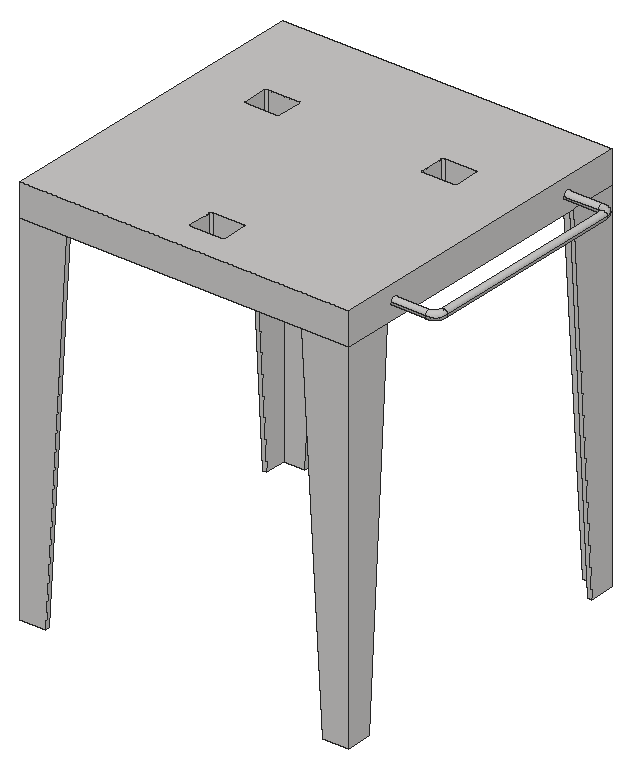
Revit family "QF_ELECTROLUXPROFESSIONAL_653496_TXVP", category Attrezzature speciali, Revit 2020
Family settings
  Quota connettore circolare = Usa diametro
  Tipo di parte = Normale
  Basato su piano di lavoro = No
  Sempre verticale = Sì
  Taglio con vuoti quando caricato = No
  Condiviso = No
  Punto di calcolo locali = No
Parameters (values of type "Standard")
  Weight = 0.00 kg
  Watts = 0 W
  Volts = 0 V
  URL Manufacturer = ""
  URL = ""
  Steam Supply Size = 0 mm
  Steam Supply Minimum Pressure = 0.0 Pa
  Steam Supply Maximum Pressure = 0.0 Pa
  Steam Consumption per Hour = 0
  Show Clearance [instance] = yes
  Refrigeration Suction Line Size = 0 mm
  Refrigeration Liquid Line Size = 0 mm
  Refrigerant Compressor Remote = yes
  Prospetto di default = 0 mm
  Manufacturer = ""
  Phase = 0
  Model = ""
  Length Actual = 420 mm  # constant formula
  Item Number = ""
  Hot Water Size = 0 mm
  Height Actual = 505 mm  # constant formula
  HP = ""
  Gas Size = 0 mm
  Gas KW = 0
  Gas Input Pressure = 0 W
  Direct Waste Size = 0 mm
  Description = ""
  Depth Actual = 420 mm  # constant formula
  Cycle = 0 Hz
  Condensate Return Size = 0 mm
  Compressed Air Volume = 0.0 L/s
  Compressed Air Size = 0 mm
  Compressed Air Pressure = 0.0 Pa
  Cold Water Size = 0 mm
  Accessory = yes
Reference planes
  plane 1 "Back": y = 0
  plane 2: z = 0
  plane 3 "FRONT": y = -419
  plane 4 "LEFT": x = -126
  plane 5 "RIGHT": x = 293
  plane 6 "Centro SX/DX": x = 83.5
  plane 7 "Centro Avanti/Indietro": y = -209.5
  plane 8: z = 500
  plane 9: x = 18.637
  plane 10: z = 458
  plane 11: z = 480
  plane 12: y = -414
  plane 13: y = -5
  plane 14: x = -121
  plane 15: x = 288
  plane 16: x = 353
Forms (mm)
  Extrusion 1, solid, material "QF_Finishes_Stainless Steel"
    sketch origin (0, 0, 0) x (1, 0, 0) y (0, 1, 0)
      loop
        line (-126, 0) -> (-126, -419) -> (293, -419) -> (293, 0) -> (-126, 0)
      loop
        arc (-48.974, -119.614) -> (-51.096, -120.493) -> (-51.974, -122.614) r 3
        line (-51.974, -122.614) -> (-51.974, -151.614)
        arc (-51.974, -151.614) -> (-51.096, -153.735) -> (-48.974, -154.614) r 3
        line (-48.974, -154.614) -> (-9.974, -154.614)
        arc (-9.974, -154.614) -> (-7.853, -153.735) -> (-6.974, -151.614) r 3
        line (-6.974, -151.614) -> (-6.974, -122.614)
        arc (-6.974, -122.614) -> (-7.853, -120.493) -> (-9.974, -119.614) r 3
        line (-9.974, -119.614) -> (-48.974, -119.614)
      loop
        arc (176.026, -119.614) -> (173.904, -120.493) -> (173.026, -122.614) r 3
        line (173.026, -122.614) -> (173.026, -151.614)
        arc (173.026, -151.614) -> (173.904, -153.735) -> (176.026, -154.614) r 3
        line (176.026, -154.614) -> (215.026, -154.614)
        arc (215.026, -154.614) -> (217.147, -153.735) -> (218.026, -151.614) r 3
        line (218.026, -151.614) -> (218.026, -122.614)
        arc (218.026, -122.614) -> (217.147, -120.493) -> (215.026, -119.614) r 3
        line (215.026, -119.614) -> (176.026, -119.614)
      loop
        arc (64, -349.301) -> (61.879, -350.179) -> (61, -352.301) r 3
        line (61, -352.301) -> (61, -381.301)
        arc (61, -381.301) -> (61.879, -383.422) -> (64, -384.301) r 3
        line (64, -384.301) -> (103, -384.301)
        arc (103, -384.301) -> (105.121, -383.422) -> (106, -381.301) r 3
        line (106, -381.301) -> (106, -352.301)
        arc (106, -352.301) -> (105.121, -350.179) -> (103, -349.301) r 3
        line (103, -349.301) -> (64, -349.301)
    from 458 to 500
  Extrusion 2, solid, material "QF_Finishes_Stainless Steel"
    sketch origin (0, 250, 0) x (-1, 0, 0) y (0, 0, 1)
      loop
        line (126, 458) -> (66, 458) -> (93.605, 0) -> (126, 0) -> (126, 458)
    from -669 to -664
  Extrusion 3, solid, material "QF_Finishes_Stainless Steel"
    sketch origin (167, 250, 0) x (1, 0, 0) y (0, 0, -1)
      loop
        line (126, -458) -> (126, 0) -> (93.605, 0) -> (66, -458) -> (126, -458)
    from -669 to -664
  Extrusion 4, solid, material "QF_Finishes_Stainless Steel"
    sketch origin (0, -669, 0) x (-1, 0, 0) y (0, 0, -1)
      loop
        line (126, -458) -> (126, 0) -> (93.605, 0) -> (66, -458) -> (126, -458)
    from -669 to -664
  Extrusion 5, solid, material "QF_Finishes_Stainless Steel"
    sketch origin (167, -669, 0) x (1, 0, 0) y (0, 0, 1)
      loop
        line (126, 458) -> (66, 458) -> (93.605, 0) -> (126, 0) -> (126, 458)
    from -669 to -664
  Extrusion 6, solid, material "QF_Finishes_Stainless Steel"
    sketch origin (957, -293, 0) x (0, -1, 0) y (0, 0, -1)
      loop
        line (126, -458) -> (126, 0) -> (93.605, 0) -> (66, -458) -> (126, -458)
    from -669 to -664
  Extrusion 7, solid, material "QF_Finishes_Stainless Steel"
    sketch origin (-790, -293, 0) x (0, -1, 0) y (0, 0, 1)
      loop
        line (126, 458) -> (66, 458) -> (93.605, 0) -> (126, 0) -> (126, 458)
    from -669 to -664
  Extrusion 8, solid, material "QF_Finishes_Stainless Steel"
    sketch origin (957, -126, 0) x (0, 1, 0) y (0, 0, 1)
      loop
        line (126, 458) -> (66, 458) -> (93.605, 0) -> (126, 0) -> (126, 458)
    from -669 to -664
  Extrusion 9, solid, material "QF_Finishes_Stainless Steel"
    sketch origin (-790, -126, 0) x (0, 1, 0) y (0, 0, -1)
      loop
        line (126, -458) -> (126, 0) -> (93.605, 0) -> (66, -458) -> (126, -458)
    from -669 to -664
  Sweep 10, solid, material "QF_Finishes_Stainless Steel"
    path origin (293, -1524, 480) x (-1, 0, 0) y (0, -1, 0)
      loop
        line (0, -1451.744) -> (-45, -1451.744)
        arc (-45, -1451.744) -> (-52.071, -1448.815) -> (-55, -1441.744) r 10
        line (-55, -1441.744) -> (-55, -1186.744)
        arc (-55, -1186.744) -> (-52.071, -1179.673) -> (-45, -1176.744) r 10
        line (-45, -1176.744) -> (0, -1176.744)
    profile origin (315.5, -72.256, 480) x (0, 1, 0) y (0, 0, 1)
      loop
        circle (0, 0) r 5
Cuts and joins
  joined: Extrusion 3, Extrusion 6
  joined: Extrusion 2, Extrusion 7
  joined: Extrusion 5, Extrusion 8
  joined: Extrusion 4, Extrusion 9
Dimensions and locks
  plane 4 "LEFT" to plane 5 "RIGHT" = 419 mm
  plane 3 "FRONT" to plane 1 "Back" = 419 mm
  equal spacing: plane 4 "LEFT", plane 6 "Centro SX/DX", plane 5 "RIGHT"
  equal spacing: plane 3 "FRONT", plane 7 "Centro Avanti/Indietro", plane 1 "Back"
  plane 8 to plane 2 = 500 mm
  locked: plane 8 to plane 10 at 42
  locked: plane 13 to plane 1 "Back" at 5
  locked: plane 12 to plane 3 "FRONT" at 5
  locked: plane 15 to plane 5 "RIGHT" at 5
  locked: plane 4 "LEFT" to plane 14 at 5
  plane 4 "LEFT" to plane 16 = 479 mm
  Sweep 10 sketch curve to Sweep 10 sketch curve = 275 mm
  aligned and locked: level to plane 2
  aligned and locked: plane 1 "Back" to Extrusion 1 sketch curve
  aligned and locked: plane 4 "LEFT" to Extrusion 1 sketch curve
  aligned and locked: plane 3 "FRONT" to Extrusion 1 sketch curve
  aligned and locked: plane 5 "RIGHT" to Extrusion 1 sketch curve
  aligned and locked: plane 8 to Extrusion 1
  aligned and locked: Extrusion 1 to plane 10
  aligned and locked: Extrusion 2 to plane 3 "FRONT"
  aligned and locked: plane 12 to Extrusion 2
  aligned and locked: Extrusion 4 to plane 1 "Back"
  aligned and locked: plane 13 to Extrusion 4
  aligned and locked: Extrusion 5 to plane 1 "Back"
  aligned and locked: plane 13 to Extrusion 5
  aligned and locked: plane 12 to Extrusion 3
  aligned and locked: Extrusion 3 to plane 3 "FRONT"
  aligned and locked: plane 15 to Extrusion 6
  aligned and locked: Extrusion 6 to plane 5 "RIGHT"
  aligned and locked: Extrusion 8 to plane 15
  aligned and locked: Extrusion 8 to plane 5 "RIGHT"
  aligned and locked: plane 14 to Extrusion 9
  aligned and locked: Extrusion 9 to plane 4 "LEFT"
  aligned and locked: Extrusion 7 to plane 14
  aligned and locked: Extrusion 7 to plane 4 "LEFT"
  aligned and locked: plane 11 to Sweep 10
Automatic sketch dimensions
  Extrusion 2 sketch curve to plane 10 = 0 mm
  Extrusion 2 sketch curve to level = 0 mm
  Extrusion 2 sketch curve to plane 4 "LEFT" = 0 mm
  plane 14 to Extrusion 2 sketch curve = 27.395 mm
  plane 14 to Extrusion 2 sketch curve = 55 mm
  Extrusion 3 sketch curve to plane 10 = 0 mm
  Extrusion 3 sketch curve to level = 0 mm
  plane 5 "RIGHT" to Extrusion 3 sketch curve = 0 mm
  plane 15 to Extrusion 3 sketch curve = 27.395 mm
  plane 15 to Extrusion 3 sketch curve = 55 mm
  Extrusion 4 sketch curve to plane 10 = 0 mm
  Extrusion 4 sketch curve to level = 0 mm
  Extrusion 4 sketch curve to plane 4 "LEFT" = 0 mm
  plane 14 to Extrusion 4 sketch curve = 27.395 mm
  plane 14 to Extrusion 4 sketch curve = 55 mm
  Extrusion 5 sketch curve to plane 10 = 0 mm
  Extrusion 5 sketch curve to level = 0 mm
  plane 5 "RIGHT" to Extrusion 5 sketch curve = 0 mm
  plane 15 to Extrusion 5 sketch curve = 27.395 mm
  plane 15 to Extrusion 5 sketch curve = 55 mm
  Extrusion 6 sketch curve to plane 10 = 0 mm
  Extrusion 6 sketch curve to level = 0 mm
  Extrusion 6 sketch curve to plane 3 "FRONT" = 0 mm
  plane 12 to Extrusion 6 sketch curve = 27.395 mm
  plane 12 to Extrusion 6 sketch curve = 55 mm
  Extrusion 7 sketch curve to plane 10 = 0 mm
  Extrusion 7 sketch curve to level = 0 mm
  Extrusion 7 sketch curve to plane 3 "FRONT" = 0 mm
  plane 12 to Extrusion 7 sketch curve = 27.395 mm
  plane 12 to Extrusion 7 sketch curve = 55 mm
  Extrusion 8 sketch curve to plane 10 = 0 mm
  Extrusion 8 sketch curve to level = 0 mm
  Extrusion 8 sketch curve to plane 1 "Back" = 0 mm
  plane 13 to Extrusion 8 sketch curve = 27.395 mm
  plane 13 to Extrusion 8 sketch curve = 55 mm
  Extrusion 9 sketch curve to plane 10 = 0 mm
  Extrusion 9 sketch curve to level = 0 mm
  Extrusion 9 sketch curve to plane 1 "Back" = 0 mm
  plane 13 to Extrusion 9 sketch curve = 27.395 mm
  plane 13 to Extrusion 9 sketch curve = 55 mm
  plane 14 to Extrusion 1 sketch curve = 69.026 mm
  Extrusion 1 sketch curve to Extrusion 1 sketch curve = 3 mm  (x9)
  Extrusion 1 sketch curve to plane 9 = 28.611 mm  (x2)
  Extrusion 1 sketch curve to plane 6 "Centro SX/DX" = 22.5 mm
  plane 6 "Centro SX/DX" to Extrusion 1 sketch curve = 19.5 mm  (x2)
  plane 6 "Centro SX/DX" to Extrusion 1 sketch curve = 89.526 mm
  Extrusion 1 sketch curve to Extrusion 1 sketch curve = 39 mm
  Extrusion 1 sketch curve to Extrusion 1 sketch curve = 0 mm
  plane 12 to Extrusion 1 sketch curve = 29.699 mm
  Extrusion 1 sketch curve to Extrusion 1 sketch curve = 29 mm  (x3)
  plane 7 "Centro Avanti/Indietro" to Extrusion 1 sketch curve = 54.886 mm  (x2)
  level to Sweep 10 sketch curve = 480 mm
  Sweep 10 sketch curve to profile plane = 0 mm
  Sweep 10 sketch curve to plane 5 "RIGHT" = 0 mm  (x2)
  Sweep 10 sketch curve to plane 16 = 15 mm  (x2)
  Sweep 10 sketch curve to plane 16 = 5 mm
  plane 13 to Sweep 10 sketch curve = 67.256 mm
  radius of Sweep 10 sketch curve = 5 mm
